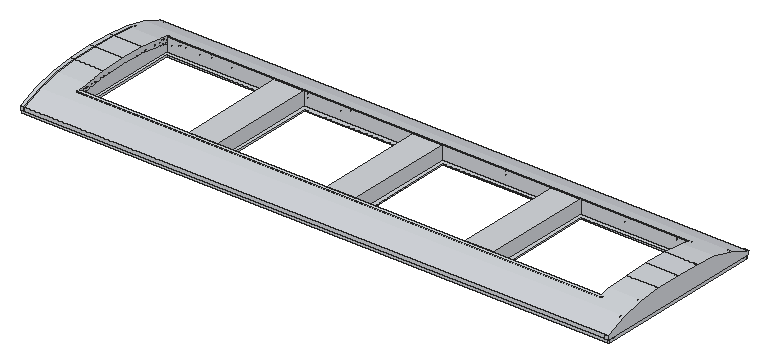
Revit family "Gira_0214328", category Electrical Fixtures, host Face, Revit 2017
Family settings
  Host = Face
  Maintain Annotation Orientation = No
  Round Connector Dimension = Use Diameter
  Part Type = Normal
  Cut with Voids When Loaded = No
  Shared = No
  Room Calculation Point = No
Parameters (values of type "Abdeckrahmen 4f Zwischenr. RW Gira Event Anthrazit")
  Werkstoffgüte = "Thermoplast"
  Werkstoff = "Kunststoff"
  URL = "http://katalog.gira.de/de_DE/datenblatt.html?artikelnr=0214328"
  Transparent = "No"
  Textfeld/Beschriftungsfläche = "No"
  Schutzart (IP) = "IP20"
  Region = "DE"
  Oberfläche = "sonstige"
  Name = "Abdeckrahmen 4f Zwischenr. RW Gira Event Anthrazit"
  Montagerichtung = "horizontal und vertikal"
  Mit Montagerahmen = "No"
  Mit Klappdeckel = "No"
  Manufacturer URL = "https://www.gira.de/"
  Keynote = "Event_Rahmen_4fach"
  HeinzeBIM = "https://bimportal.heinze.de/bim/abdeckrahmen-4f-zwischenr-rw-gira-event-anthrazit/b92da2f6232e62b64b37bccc6df58cd7533aee6d"
  Halogenfrei = "Yes"
  HAN = "0214328"
  Geeignet für Unterputz-Installation = "Yes"
  Geeignet für Unterflurkanaldose = "No"
  Geeignet für Geräteeinbaukanal = "No"
  Geeignet für Einbauinstallation = "No"
  GTIN = "4010337074250"
  Farbe = "anthrazit"
  Default Elevation = 1219.2 mm
  Data sheet (1) = "https://katalog.gira.de/de_DE/download.html?artikelnr=0214328"
  Category = "Abdeckrahmen"
  Befestigungsart = "Klemmbefestigung"
  Available = "Yes"
  Anzahl der Einheiten vertikal = "4 "
  Anzahl der Einheiten horizontal = "4 "
  Anzahl der Einheiten = "4 "
Reference planes
  plane 1 "Center (Front/Back)": y = 0
  plane 2: z = 0
  plane 3 "Center (Left/Right)": x = 0
Forms (mm)
  Extrusion 1, solid, detail levels fine
    sketch origin (0, 0, 0.05) x (0, 1, 0) y (0, 0, 1)
      loop
        arc (12.445, 9.683) -> (6.223, 9.833) -> (0, 9.85) r 291.636
        arc (0, 9.85) -> (-6.223, 9.833) -> (-12.445, 9.683) r 291.636
        arc (-12.445, 9.683) -> (-29.14, 7.482) -> (-45, 1.823) r 79.728
        line (-45, 1.823) -> (-45, -0.05) -> (-42.086, -0.05)
        arc (-42.086, -0.05) -> (-21.385, 5.559) -> (0, 7.206) r 114.424
        arc (0, 7.206) -> (21.385, 5.559) -> (42.086, -0.05) r 114.424
        line (42.086, -0.05) -> (45, -0.05) -> (45, 1.823)
        arc (45, 1.823) -> (29.14, 7.482) -> (12.445, 9.683) r 79.728
    from -151.95 to 151.935
  Extrusion 2, void, detail levels fine
    sketch origin (0, 0, 0) x (1, 0, 0) y (0, 1, 0)
      loop
        line (134.95, 28.035) -> (-134.95, 28.035) -> (-134.95, -28.035) -> (134.95, -28.035) -> (134.95, 28.035)
    from 0.724 to 11
  Extrusion 3, solid, detail levels coarse
    sketch origin (0, 0, 0) x (1, 0, 0) y (0, 1, 0)
      loop
        line (-151.95, 45) -> (-151.95, -45) -> (151.935, -45) -> (151.935, 45) -> (-151.95, 45)
    from -1.5 to 9.9
  Extrusion 4, solid, detail levels medium
    sketch origin (0, 0, 0.05) x (0, 1, 0) y (0, 0, 1)
      loop
        arc (12.445, 9.683) -> (6.223, 9.833) -> (0, 9.85) r 291.636
        arc (0, 9.85) -> (-6.223, 9.833) -> (-12.445, 9.683) r 291.636
        arc (-12.445, 9.683) -> (-29.14, 7.482) -> (-45, 1.823) r 79.728
        line (-45, 1.823) -> (-45, -0.05) -> (45, -0.05) -> (45, 1.823)
        arc (45, 1.823) -> (29.14, 7.482) -> (12.445, 9.683) r 79.728
    from -151.95 to 151.935
  Extrusion 5, solid, detail levels fine
    sketch origin (-106.95, 0, -1.5) x (0, 1, 0) y (0, 0, -1)
      loop
        line (45, -3.373) -> (45, -1.5) -> (-45, -1.5) -> (-45, -3.373)
        arc (-45, -3.373) -> (-29.14, -9.032) -> (-12.445, -11.233) r 79.728
        arc (-12.445, -11.233) -> (-6.223, -11.383) -> (0, -11.4) r 291.636
        arc (0, -11.4) -> (6.223, -11.383) -> (12.445, -11.233) r 291.636
        arc (12.445, -11.233) -> (29.14, -9.032) -> (45, -3.373) r 79.728
    from 43 to 45
  Extrusion 6, solid, detail levels fine
    sketch origin (0, 0, 0) x (1, 0, 0) y (0, 1, 0)
      loop
        line (-132.85, 25.7) -> (-132.85, -25.7) -> (-81.05, -25.7) -> (-81.05, 25.7) -> (-132.85, 25.7)
      loop
        line (-9.755, -25.7) -> (-9.755, 25.7) -> (-61.555, 25.7) -> (-61.555, -25.7) -> (-9.755, -25.7)
      loop
        line (-135.845, 28.49) -> (-135.845, -28.495)
        spline (-135.845, -28.495) -> (-135.836, -28.625) -> (-135.811, -28.754) -> (-135.769, -28.878) -> (-135.711, -28.995) -> (-135.638, -29.104) -> (-135.552, -29.202) -> (-135.454, -29.288) -> (-135.345, -29.361) -> (-135.228, -29.419) -> (-135.104, -29.461) -> (-134.975, -29.486) -> (-134.845, -29.495)
        line (-134.845, -29.495) -> (134.845, -29.495)
        spline (134.845, -29.495) -> (134.975, -29.486) -> (135.104, -29.461) -> (135.228, -29.419) -> (135.345, -29.361) -> (135.454, -29.288) -> (135.552, -29.202) -> (135.638, -29.104) -> (135.711, -28.995) -> (135.769, -28.878) -> (135.811, -28.754) -> (135.836, -28.625) -> (135.845, -28.495)
        line (135.845, -28.495) -> (135.845, 28.49)
        spline (135.845, 28.49) -> (135.836, 28.62) -> (135.811, 28.748) -> (135.769, 28.872) -> (135.711, 28.99) -> (135.638, 29.098) -> (135.552, 29.197) -> (135.454, 29.283) -> (135.345, 29.356) -> (135.228, 29.413) -> (135.104, 29.456) -> (134.975, 29.481) -> (134.845, 29.49)
        line (134.845, 29.49) -> (-134.845, 29.49)
        spline (-134.845, 29.49) -> (-134.975, 29.481) -> (-135.104, 29.456) -> (-135.228, 29.413) -> (-135.345, 29.356) -> (-135.454, 29.283) -> (-135.552, 29.197) -> (-135.638, 29.098) -> (-135.711, 28.99) -> (-135.769, 28.872) -> (-135.811, 28.748) -> (-135.836, 28.62) -> (-135.845, 28.49)
      loop
        line (61.545, -25.7) -> (61.545, 25.7) -> (9.745, 25.7) -> (9.745, -25.7) -> (61.545, -25.7)
      loop
        line (132.85, -25.7) -> (132.85, 25.7) -> (81.05, 25.7) -> (81.05, -25.7) -> (132.85, -25.7)
    from 0.1 to 7.3
  Extrusion 7, solid
    sketch origin (0, 0, 0) x (1, 0, 0) y (0, 1, 0)
      loop
        arc (-151.65, -44.218) -> (-151.504, -44.572) -> (-151.15, -44.718) r 0.5
        line (-151.15, -44.718) -> (151.15, -44.718)
        arc (151.15, -44.718) -> (151.504, -44.572) -> (151.65, -44.218) r 0.5
        line (151.65, -44.218) -> (151.65, 44.182)
        arc (151.65, 44.182) -> (151.504, 44.535) -> (151.15, 44.682) r 0.5
        line (151.15, 44.682) -> (-151.15, 44.682)
        arc (-151.15, 44.682) -> (-151.504, 44.535) -> (-151.65, 44.182) r 0.5
        line (-151.65, 44.182) -> (-151.65, -44.218)
      loop
        line (-149.95, 42.982) -> (-149.95, -43.018) -> (149.95, -43.018) -> (149.95, 42.982) -> (-149.95, 42.982)
    from -1.5 to 0.5
  Extrusion 8, solid, detail levels fine
    sketch origin (106.935, 0, -1.5) x (0, 1, 0) y (0, 0, 1)
      loop
        arc (45, 3.373) -> (29.14, 9.032) -> (12.445, 11.233) r 79.728
        arc (12.445, 11.233) -> (6.223, 11.383) -> (0, 11.4) r 291.636
        arc (0, 11.4) -> (-6.223, 11.383) -> (-12.445, 11.233) r 291.636
        arc (-12.445, 11.233) -> (-29.14, 9.032) -> (-45, 3.373) r 79.728
        line (-45, 3.373) -> (-45, 1.5) -> (45, 1.5) -> (45, 3.373)
    from 43 to 45
  Extrusion 9, solid, detail levels medium
    sketch origin (0, 0, 0) x (1, 0, 0) y (0, 1, 0)
      loop
        line (-151.65, -44.718) -> (151.65, -44.718) -> (151.65, 44.682) -> (-151.65, 44.682) -> (-151.65, -44.718)
    from -1.5 to 0.5
  Extrusion 10, solid, detail levels fine
    sketch origin (-69.857, 0, 0) x (1, 0, 0) y (0, 1, 0)
      loop
        line (-8.943, 28.063) -> (-8.943, -27.937) -> (6.057, -27.937) -> (6.057, 28.063) -> (-8.943, 28.063)
    from 0.724 to 7.566
  Extrusion 11, solid, detail levels fine
    sketch origin (-1.443, 0, 0) x (-1, 0, 0) y (0, -1, 0)
      loop
        line (-8.943, -28.063) -> (6.057, -28.063) -> (6.057, 27.937) -> (-8.943, 27.937) -> (-8.943, -28.063)
    from 0.724 to 7.566
  Extrusion 12, solid, detail levels fine
    sketch origin (69.857, 0, 0) x (-1, 0, 0) y (0, -1, 0)
      loop
        line (-8.943, -28.063) -> (6.057, -28.063) -> (6.057, 27.937) -> (-8.943, 27.937) -> (-8.943, -28.063)
    from 0.724 to 7.566
Cuts and joins
  Extrusion 2 cuts Extrusion 1
  Extrusion 2 cuts Extrusion 6
Dimensions and locks
  aligned and locked: plane 2 to host face
  aligned and locked: level to host face
